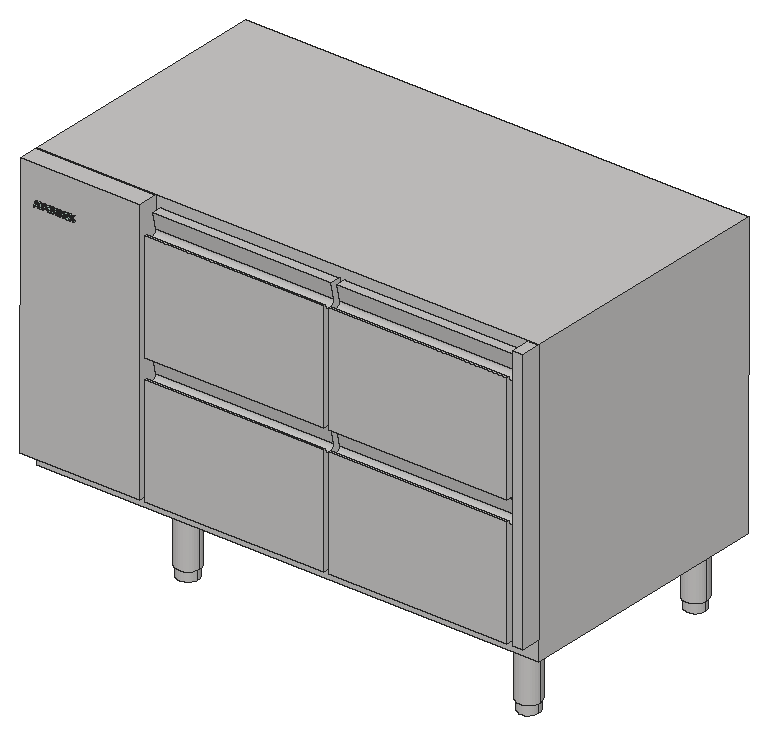
Revit family "QF_ALPENINOX_721031_AK2R7BB", category Attrezzature speciali, Revit 2018
Family settings
  Quota connettore circolare = Usa diametro
  Tipo di parte = Normale
  Basato su piano di lavoro = No
  Sempre verticale = Sì
  Taglio con vuoti quando caricato = No
  Condiviso = No
  Punto di calcolo locali = No
Parameters (values of type "Standard")
  Weight = 96.00 kg
  Watts = 220 W
  Volts = 220 V
  URL Manufacturer = "http://www.alpeninox.com"
  URL = "http://www.alpeninox.com"
  Steam Supply Size = 0 mm
  Steam Supply Minimum Pressure = 0.0 Pa
  Steam Supply Maximum Pressure = 0.0 Pa
  Steam Consumption per Hour = 0
  Refrigeration Suction Line Size = 0 mm
  Refrigeration Liquid Line Size = 0 mm
  Refrigerant Compressor Remote = yes
  Produttore = "Alpeninox"
  Phase = 1
  Modello = "AK2R7BB"
  Length Actual = 1241 mm  # constant formula
  Item Number = "721031"
  Hot Water Size = 0 mm
  Height Actual = 850 mm  # constant formula
  HP = "0.3 HP"
  Gas Size = 0 mm
  Gas KW = 0
  Gas Input Pressure = 0 W
  Direct Waste Size = 0 mm
  Descrizione = "4X1/2-DRAWER REFRIGERATED COUNTER, -2/+10°C, FULL AISI 304 (R290), WITHOUT WORK TOP"
  Depth Actual = 700 mm  # constant formula
  Cycle = 50 Hz
  Condensate Return Size = 0 mm
  Compressed Air Volume = 0.0 L/s
  Compressed Air Size = 0 mm
  Compressed Air Pressure = 0.0 Pa
  Cold Water Size = 0 mm
  Accessory = yes
Values of the unnamed type that differ from the named types
  Weight = 0.00 kg
  Watts = 0 W
  Volts = 0 V
  URL Manufacturer = ""
  Item Number = ""
  HP = ""
  Cycle = 0 Hz
Reference planes
  plane 1: z = 0
  plane 2 "Center (Left/Right)": x = -126.5
  plane 3 "Center (Front/Back)": y = 64.5
  plane 4 "FEET": z = 150
  plane 5 "TOP": z = 900
  plane 6 "PLAIN": z = 850
  plane 7 "EI_back": y = 103
  plane 8 "EI_left": x = -686
  plane 9 "BACK": y = 412
  plane 10 "FRONT": y = -283
  plane 11 "DOOR": y = -233
  plane 12 "LEFT": x = -747
  plane 13 "RIGHT": x = 494
  plane 14: x = -722
  plane 15: x = 469
Forms (mm)
  Extrusion 1, solid, material "QF_Finishes_Stainless Steel"
    sketch origin (-1022.223, -1524, 150) x (-1, 0, 0) y (0, -1, 0)
      loop
        circle (-336.223, -1627) r 5
    from 0 to -40
  Extrusion 2, solid, material "QF_Finishes_Stainless Steel"
    sketch origin (-1022.223, -1524, 150) x (-1, 0, 0) y (0, -1, 0)
      loop
        line (-1491.223, -1291) -> (-1491.223, -1241) -> (-1516.223, -1241) -> (-1516.223, -1291) -> (-1491.223, -1291)
    from 48 to 700
  Extrusion 3, solid, material "QF_Finishes_Stainless Steel"
    sketch origin (-1022.223, -1524, 150) x (-1, 0, 0) y (0, -1, 0)
      loop
        line (-275.223, -1936) -> (-275.223, -1291) -> (-1516.223, -1291) -> (-1516.223, -1936) -> (-275.223, -1936)
    from 0 to 700
Lines and regions (mm)
  symbolic lines, style "SpecialityEquipmentHiddenLines"
    curve 1: line (-747, 412, 150) -> (494, 412, 150)
    curve 2: line (-747, -283, 150) -> (-747, 412, 150)
    curve 3: line (494, -283, 150) -> (-747, -283, 150)
    curve 4: line (494, 412, 150) -> (494, -283, 150)
    curve 5: line (-747, -233, 150) -> (494, -233, 150)
    curve 6: line (469, -283, 150) -> (469, -233, 150)
Dimensions and locks
  plane 4 "FEET" to level = 150 mm
  plane 11 "DOOR" to plane 10 "FRONT" = 50 mm
  plane 6 "PLAIN" to plane 4 "FEET" = 700 mm
  plane 5 "TOP" to plane 6 "PLAIN" = 50 mm
  plane 12 "LEFT" to plane 14 = 25 mm
  plane 15 to plane 13 "RIGHT" = 25 mm
  plane 9 "BACK" to plane 7 "EI_back" = 309 mm
  plane 12 "LEFT" to plane 8 "EI_left" = 61 mm
  plane 12 "LEFT" to plane 13 "RIGHT" = 1241 mm
  equal spacing: plane 12 "LEFT", plane 2 "Center (Left/Right)", plane 13 "RIGHT"
  plane 9 "BACK" to plane 10 "FRONT" = 695 mm
  equal spacing: plane 9 "BACK", plane 3 "Center (Front/Back)", plane 10 "FRONT"
  aligned and locked: level to plane 1
  aligned and locked: plane 13 "RIGHT" to Extrusion 2
  aligned and locked: Extrusion 2 to plane 15
Automatic sketch dimensions
  Extrusion 1 sketch curve to plane 7 "EI_back" = 0 mm
  Extrusion 1 sketch curve to plane 8 "EI_left" = 0 mm
  Extrusion 2 sketch curve to plane 11 "DOOR" = 0 mm
  Extrusion 2 sketch curve to plane 13 "RIGHT" = 0 mm
  Extrusion 2 sketch curve to plane 10 "FRONT" = 0 mm
  Extrusion 2 sketch curve to plane 15 = 0 mm
  Extrusion 3 sketch curve to plane 9 "BACK" = 0 mm
  Extrusion 3 sketch curve to plane 13 "RIGHT" = 0 mm
  Extrusion 3 sketch curve to plane 11 "DOOR" = 0 mm
  Extrusion 3 sketch curve to plane 12 "LEFT" = 0 mm
  curve 1 to plane 13 "RIGHT" = 0 mm
  curve 6 to plane 10 "FRONT" = 0 mm
  curve 6 to plane 15 = 0 mm
  curve 5 to plane 12 "LEFT" = 0 mm
  curve 6 to plane 11 "DOOR" = 0 mm
  curve 1 to plane 9 "BACK" = 0 mm
  radius of Extrusion 1 sketch curve = 5 mm
Nested families
  nested 1: "HPC_Refrigerator" at (494, -283, 0), type "HPC_Refrigerator"
  nested 2: "HPC_FEET" at (-413, 331, 0), type "HPC_FEET"
  nested 3: "HPC_FEET" at (428, 331, 0), type "HPC_FEET"
  nested 4: "HPC_FEET" at (-413, -183, 0), type "HPC_FEET"
  nested 5: "HPC_FEET" at (428, -183, 0), type "HPC_FEET"
  nested 6: "HPC_APX_BI_TN_L" at (-540.08, -233, 598) x (1, 0, 0) z (0, -1, 0), type "HPC_APX_BI_TN_L"
    with Show Logo yes
  nested 7: "HPC_APX_HALF" at (-219, -233, 512) x (1, 0, 0) z (0, -1, 0), type "HPC_APX_HALF"
    with Show Clearance yes
  nested 8: "HPC_APX_HALF" at (235, -233, 512) x (1, 0, 0) z (0, -1, 0), type "HPC_APX_HALF"
    with Show Clearance yes
Connectors
  electrical at (-686, 103, 110), driven by "Volts"
    settings: on Extrusion 1, index 1, voltage 220 V, apparent load 0 VA, apparent load phase1 0 VA, apparent load phase2 0 VA, apparent load phase3 0 VA, power factor 1, load classification "Other", number of poles 1, system type 31, power factor state 1, is connector primary yes, connector utility no, sub classification motor no, connector description "Electrical Connection"
Definition of nested family "HPC_FEET"
  Parameters
    FEET = 150 mm
  Reference planes
    plane 1 "Center (Front/Back)": y = 0
    plane 2: z = 0
    plane 3 "Center (Left/Right)": x = 0
    plane 4: z = 150
  Forms (mm)
    Revolve 1, solid
      sketch origin (255.05, 0, 608.09) x (0, 0, 1) y (-1, 0, 0)
        loop
          line (-608.09, 255.05) -> (-608.09, 230.05) -> (-583.09, 230.05) -> (-583.09, 226.05) -> (-458.09, 226.05) -> (-458.09, 255.05) -> (-608.09, 255.05)
        axis (-608.09, 255.05) -> (-458.09, 255.05)
      angle from 0 to 360
  Dimensions and locks
    locked: Revolve 1 sketch curve to Revolve 1 sketch curve at 125
    "FEET": plane 4 to plane 2
    aligned and locked: level to plane 2
    aligned and locked: plane 4 to Revolve 1 sketch curve
    aligned and locked: Revolve 1 sketch curve to level
    aligned and locked: plane 3 "Center (Left/Right)" to Revolve 1 sketch curve
  Automatic sketch dimensions
    Revolve 1 sketch curve to plane 3 "Center (Left/Right)" = 0 mm
    Revolve 1 sketch curve to Revolve 1 sketch curve = 25 mm
    Revolve 1 sketch curve to Revolve 1 sketch curve = 29 mm
    plane 4 to Revolve 1 sketch curve = 50 mm
    Revolve 1 sketch curve to Revolve 1 sketch curve = 20 mm
Definition of nested family "HPC_APX_BI_TN_L"
  Parameters
    Show Logo [instance] = yes
    Default Elevation = 1219.2 mm
  Reference planes
    plane 1 "Center (Front/Back)": y = -74
    plane 2: z = 0
    plane 3 "Center (Left/Right)": x = -59.92
    plane 4: x = -206.92
    plane 5: x = 87.08
    plane 6: y = 252
    plane 7: y = -400
  Forms (mm)
    Extrusion 1, solid
      sketch origin (0, 0, 0) x (1, 0, 0) y (0, 1, 0)
        loop
          line (-1219.2, 1219.2) -> (-1219.2, -1219.2) -> (1219.2, -1219.2) -> (1219.2, 1219.2) -> (-1219.2, 1219.2)
      from 0 to -304.8
    Extrusion 2, solid
      sketch origin (0, 0, 0) x (1, 0, 0) y (0, 1, 0)
        loop
          line (-206.92, 252) -> (-206.92, -400) -> (87.08, -400) -> (87.08, 252) -> (-206.92, 252)
      from 0 to 50
    Extrusion 3, solid
      sketch origin (0, 0, 0) x (1, 0, 0) y (0, 1, 0)
        loop
          line (-168.675, 170.349) -> (-172.411, 160.318)
          arc (-172.411, 160.318) -> (-171.624, 158.497) -> (-169.837, 159.36) r 1.374
          line (-169.837, 159.36) -> (-169.268, 161.111) -> (-164.1, 161.111) -> (-163.54, 159.379)
          arc (-163.54, 159.379) -> (-161.802, 158.542) -> (-161.049, 160.318) r 1.333
          line (-161.049, 160.318) -> (-164.694, 170.349)
          arc (-164.694, 170.349) -> (-166.685, 171.876) -> (-168.675, 170.349) r 2.06
        loop
          line (-166.681, 169.055) -> (-168.469, 163.655) -> (-164.935, 163.655) -> (-166.681, 169.055)
        loop
          arc (-159.705, 160.042) -> (-159.262, 158.973) -> (-158.194, 158.531) r 1.512
          line (-158.194, 158.531) -> (-153.608, 158.531)
          arc (-153.608, 158.531) -> (-152.337, 159.802) -> (-153.608, 161.074) r 1.272
          line (-153.608, 161.074) -> (-156.917, 161.074) -> (-156.917, 170.328)
          arc (-156.917, 170.328) -> (-158.311, 171.722) -> (-159.705, 170.328) r 1.394
          line (-159.705, 170.328) -> (-159.705, 160.042)
        loop
          line (-151.076, 170.218) -> (-151.076, 159.859)
          arc (-151.076, 159.859) -> (-149.683, 158.466) -> (-148.29, 159.859) r 1.393
          line (-148.29, 159.859) -> (-148.29, 162.882) -> (-146.225, 162.882)
          arc (-146.225, 162.882) -> (-142.999, 163.859) -> (-141.608, 166.928) r 4.082
          arc (-141.608, 166.928) -> (-142.993, 170.272) -> (-146.336, 171.657) r 4.728
          line (-146.336, 171.657) -> (-149.638, 171.657)
          arc (-149.638, 171.657) -> (-150.655, 171.235) -> (-151.076, 170.218) r 1.439
        loop
          line (-148.29, 165.313) -> (-146.388, 165.313)
          arc (-146.388, 165.313) -> (-144.433, 167.268) -> (-146.388, 169.222) r 1.955
          line (-146.388, 169.222) -> (-148.29, 169.222) -> (-148.29, 165.313)
        loop
          arc (-131.184, 166.332) -> (-132.004, 168.2) -> (-133.767, 169.228) r 3.3
          arc (-133.767, 169.228) -> (-136.353, 168.661) -> (-137.611, 166.332) r 3.176
          line (-137.611, 166.332) -> (-131.184, 166.332)
        loop
          line (-137.538, 163.743) -> (-130.544, 163.743)
          arc (-130.544, 163.743) -> (-129.292, 163.916) -> (-128.301, 164.701) r 2.4
          arc (-128.301, 164.701) -> (-128.155, 165.545) -> (-128.212, 166.399) r 3.635
          arc (-128.212, 166.399) -> (-130.364, 170.162) -> (-134.39, 171.769) r 6.579
          arc (-134.39, 171.769) -> (-138.918, 169.706) -> (-140.661, 165.044) r 6.501
          arc (-140.661, 165.044) -> (-139.276, 160.789) -> (-135.401, 158.549) r 6.252
          arc (-135.401, 158.549) -> (-132.922, 158.526) -> (-130.544, 159.232) r 8.361
          arc (-130.544, 159.232) -> (-129.466, 159.781) -> (-128.641, 160.666) r 3.486
          arc (-128.641, 160.666) -> (-128.419, 161.592) -> (-128.828, 162.451) r 1.425
          arc (-128.828, 162.451) -> (-129.368, 162.762) -> (-129.99, 162.762) r 1.203
          arc (-129.99, 162.762) -> (-130.406, 162.59) -> (-130.764, 162.316) r 1.724
          arc (-130.764, 162.316) -> (-131.666, 161.705) -> (-132.646, 161.229) r 7.6
          arc (-132.646, 161.229) -> (-135.676, 161.35) -> (-137.538, 163.743) r 3.6
        loop
          line (-126.669, 170.328) -> (-126.669, 159.859)
          arc (-126.669, 159.859) -> (-125.273, 158.463) -> (-123.878, 159.859) r 1.396
          line (-123.878, 159.859) -> (-123.878, 166.785) -> (-117.946, 159.029)
          arc (-117.946, 159.029) -> (-116.361, 158.51) -> (-115.379, 159.859) r 1.417
          line (-115.379, 159.859) -> (-115.379, 170.328)
          arc (-115.379, 170.328) -> (-116.774, 171.723) -> (-118.169, 170.328) r 1.395
          line (-118.169, 170.328) -> (-118.169, 163.311) -> (-124.101, 171.157)
          arc (-124.101, 171.157) -> (-125.687, 171.678) -> (-126.669, 170.328) r 1.418
        loop
          arc (-113.636, 159.859) -> (-112.241, 158.464) -> (-110.847, 159.859) r 1.394
          line (-110.847, 159.859) -> (-110.847, 170.328)
          arc (-110.847, 170.328) -> (-112.241, 171.723) -> (-113.636, 170.328) r 1.394
          line (-113.636, 170.328) -> (-113.636, 159.859)
        loop
          line (-109.102, 170.328) -> (-109.102, 159.859)
          arc (-109.102, 159.859) -> (-107.706, 158.463) -> (-106.31, 159.859) r 1.396
          line (-106.31, 159.859) -> (-106.31, 166.785) -> (-100.378, 159.029)
          arc (-100.378, 159.029) -> (-98.793, 158.51) -> (-97.812, 159.859) r 1.417
          line (-97.812, 159.859) -> (-97.812, 170.328)
          arc (-97.812, 170.328) -> (-99.207, 171.723) -> (-100.602, 170.328) r 1.395
          line (-100.602, 170.328) -> (-100.602, 163.311) -> (-106.533, 171.157)
          arc (-106.533, 171.157) -> (-108.119, 171.678) -> (-109.102, 170.328) r 1.418
        loop
          arc (-96.345, 165.093) -> (-95.619, 161.877) -> (-93.467, 159.379) r 6.806
          arc (-93.467, 159.379) -> (-91.792, 158.566) -> (-89.948, 158.31) r 5.956
          arc (-89.948, 158.31) -> (-88.104, 158.566) -> (-86.43, 159.379) r 5.956
          arc (-86.43, 159.379) -> (-84.277, 161.877) -> (-83.551, 165.093) r 6.806
          arc (-83.551, 165.093) -> (-84.277, 168.31) -> (-86.43, 170.808) r 6.806
          arc (-86.43, 170.808) -> (-88.104, 171.621) -> (-89.948, 171.877) r 5.956
          arc (-89.948, 171.877) -> (-91.792, 171.621) -> (-93.467, 170.808) r 5.956
          arc (-93.467, 170.808) -> (-95.619, 168.31) -> (-96.345, 165.093) r 6.806
        loop
          arc (-93.425, 165.093) -> (-93.138, 163.212) -> (-92.081, 161.629) r 4.387
          arc (-92.081, 161.629) -> (-91.087, 161.049) -> (-89.948, 160.881) r 3.035
          arc (-89.948, 160.881) -> (-88.809, 161.049) -> (-87.815, 161.629) r 3.035
          arc (-87.815, 161.629) -> (-86.759, 163.212) -> (-86.472, 165.093) r 4.387
          arc (-86.472, 165.093) -> (-86.759, 166.975) -> (-87.815, 168.558) r 4.387
          arc (-87.815, 168.558) -> (-88.809, 169.138) -> (-89.948, 169.306) r 3.035
          arc (-89.948, 169.306) -> (-91.087, 169.138) -> (-92.081, 168.558) r 3.035
          arc (-92.081, 168.558) -> (-93.138, 166.975) -> (-93.425, 165.093) r 4.387
        loop
          line (-83.139, 169.609) -> (-80.126, 165.552) -> (-83.81, 160.652)
          arc (-83.81, 160.652) -> (-83.512, 158.692) -> (-81.559, 159.029) r 1.388
          line (-81.559, 159.029) -> (-78.51, 163.232) -> (-75.461, 159.029)
          arc (-75.461, 159.029) -> (-73.507, 158.692) -> (-73.21, 160.652) r 1.388
          line (-73.21, 160.652) -> (-76.894, 165.552) -> (-73.881, 169.609)
          arc (-73.881, 169.609) -> (-74.249, 171.597) -> (-76.205, 171.084) r 1.38
          line (-76.205, 171.084) -> (-78.51, 167.841) -> (-80.815, 171.084)
          arc (-80.815, 171.084) -> (-82.771, 171.597) -> (-83.139, 169.609) r 1.38
      from 50 to 51.6
  Lines and regions (mm)
    Split face 1
      outline origin (0, 0, 50) x (1, 0, 0) y (0, 1, 0)
        loop
          line (87.08, 183) -> (-172.92, 183)
          arc (-172.92, 183) -> (-190.42, 165.5) -> (-172.92, 148) r 17.5
          line (-172.92, 148) -> (87.08, 148)
    Split face 2
      outline origin (-38, 0, 50) x (1, 0, 0) y (0, 1, 0)
        loop
          line (-5.42, 177) -> (-5.42, 154) -> (64.58, 154) -> (64.58, 177) -> (-5.42, 177)
    Split face 3
      outline origin (-38, 0, 50) x (1, 0, 0) y (0, 1, 0)
        loop
          line (44.58, 174) -> (44.58, 157) -> (61.58, 157) -> (61.58, 174) -> (44.58, 174)
    Split face 4
      outline origin (0, 0, 50) x (1, 0, 0) y (0, 1, 0)
        loop
          line (-206.92, 188) -> (87.08, 188)
    Split face 5
      outline origin (0, 0, 50) x (1, 0, 0) y (0, 1, 0)
        loop
          arc (-163.464, 131.824) -> (-167.464, 127.824) -> (-163.464, 123.824) r 4
          line (-163.464, 123.824) -> (-121.464, 123.824)
          arc (-121.464, 123.824) -> (-117.464, 127.824) -> (-121.464, 131.824) r 4
          line (-121.464, 131.824) -> (-163.464, 131.824)
    Split face 6
      outline origin (330, 0, 50) x (1, 0, 0) y (0, 1, 0)
        loop
          arc (-328.464, 131.824) -> (-332.464, 127.824) -> (-328.464, 123.824) r 4
          line (-328.464, 123.824) -> (-286.464, 123.824)
          arc (-286.464, 123.824) -> (-282.464, 127.824) -> (-286.464, 131.824) r 4
          line (-286.464, 131.824) -> (-328.464, 131.824)
    Split face 7
      outline origin (110, 0, 50) x (1, 0, 0) y (0, 1, 0)
        loop
          arc (-218.464, 131.824) -> (-222.464, 127.824) -> (-218.464, 123.824) r 4
          line (-218.464, 123.824) -> (-176.464, 123.824)
          arc (-176.464, 123.824) -> (-172.464, 127.824) -> (-176.464, 131.824) r 4
          line (-176.464, 131.824) -> (-218.464, 131.824)
    Split face 8
      outline origin (220, 0, 50) x (1, 0, 0) y (0, 1, 0)
        loop
          arc (-273.464, 131.824) -> (-277.464, 127.824) -> (-273.464, 123.824) r 4
          line (-273.464, 123.824) -> (-231.464, 123.824)
          arc (-231.464, 123.824) -> (-227.464, 127.824) -> (-231.464, 131.824) r 4
          line (-231.464, 131.824) -> (-273.464, 131.824)
    Split face 9
      outline origin (0, -24, 50) x (1, 0, 0) y (0, 1, 0)
        loop
          arc (-163.464, 143.824) -> (-167.464, 139.824) -> (-163.464, 135.824) r 4
          line (-163.464, 135.824) -> (-121.464, 135.824)
          arc (-121.464, 135.824) -> (-117.464, 139.824) -> (-121.464, 143.824) r 4
          line (-121.464, 143.824) -> (-163.464, 143.824)
    Split face 10
      outline origin (330, -24, 50) x (1, 0, 0) y (0, 1, 0)
        loop
          arc (-328.464, 143.824) -> (-332.464, 139.824) -> (-328.464, 135.824) r 4
          line (-328.464, 135.824) -> (-286.464, 135.824)
          arc (-286.464, 135.824) -> (-282.464, 139.824) -> (-286.464, 143.824) r 4
          line (-286.464, 143.824) -> (-328.464, 143.824)
    Split face 11
      outline origin (110, -24, 50) x (1, 0, 0) y (0, 1, 0)
        loop
          arc (-218.464, 143.824) -> (-222.464, 139.824) -> (-218.464, 135.824) r 4
          line (-218.464, 135.824) -> (-176.464, 135.824)
          arc (-176.464, 135.824) -> (-172.464, 139.824) -> (-176.464, 143.824) r 4
          line (-176.464, 143.824) -> (-218.464, 143.824)
    Split face 12
      outline origin (220, -24, 50) x (1, 0, 0) y (0, 1, 0)
        loop
          arc (-273.464, 143.824) -> (-277.464, 139.824) -> (-273.464, 135.824) r 4
          line (-273.464, 135.824) -> (-231.464, 135.824)
          arc (-231.464, 135.824) -> (-227.464, 139.824) -> (-231.464, 143.824) r 4
          line (-231.464, 143.824) -> (-273.464, 143.824)
    Split face 13
      outline origin (0, -48, 50) x (1, 0, 0) y (0, 1, 0)
        loop
          arc (-163.464, 155.824) -> (-167.464, 151.824) -> (-163.464, 147.824) r 4
          line (-163.464, 147.824) -> (-121.464, 147.824)
          arc (-121.464, 147.824) -> (-117.464, 151.824) -> (-121.464, 155.824) r 4
          line (-121.464, 155.824) -> (-163.464, 155.824)
    Split face 14
      outline origin (330, -48, 50) x (1, 0, 0) y (0, 1, 0)
        loop
          arc (-328.464, 155.824) -> (-332.464, 151.824) -> (-328.464, 147.824) r 4
          line (-328.464, 147.824) -> (-286.464, 147.824)
          arc (-286.464, 147.824) -> (-282.464, 151.824) -> (-286.464, 155.824) r 4
          line (-286.464, 155.824) -> (-328.464, 155.824)
    Split face 15
      outline origin (110, -48, 50) x (1, 0, 0) y (0, 1, 0)
        loop
          arc (-218.464, 155.824) -> (-222.464, 151.824) -> (-218.464, 147.824) r 4
          line (-218.464, 147.824) -> (-176.464, 147.824)
          arc (-176.464, 147.824) -> (-172.464, 151.824) -> (-176.464, 155.824) r 4
          line (-176.464, 155.824) -> (-218.464, 155.824)
    Split face 16
      outline origin (220, -48, 50) x (1, 0, 0) y (0, 1, 0)
        loop
          arc (-273.464, 155.824) -> (-277.464, 151.824) -> (-273.464, 147.824) r 4
          line (-273.464, 147.824) -> (-231.464, 147.824)
          arc (-231.464, 147.824) -> (-227.464, 151.824) -> (-231.464, 155.824) r 4
          line (-231.464, 155.824) -> (-273.464, 155.824)
    Split face 17
      outline origin (0, -72, 50) x (1, 0, 0) y (0, 1, 0)
        loop
          arc (-163.464, 167.824) -> (-167.464, 163.824) -> (-163.464, 159.824) r 4
          line (-163.464, 159.824) -> (-121.464, 159.824)
          arc (-121.464, 159.824) -> (-117.464, 163.824) -> (-121.464, 167.824) r 4
          line (-121.464, 167.824) -> (-163.464, 167.824)
    Split face 18
      outline origin (330, -72, 50) x (1, 0, 0) y (0, 1, 0)
        loop
          arc (-328.464, 167.824) -> (-332.464, 163.824) -> (-328.464, 159.824) r 4
          line (-328.464, 159.824) -> (-286.464, 159.824)
          arc (-286.464, 159.824) -> (-282.464, 163.824) -> (-286.464, 167.824) r 4
          line (-286.464, 167.824) -> (-328.464, 167.824)
    Split face 19
      outline origin (110, -72, 50) x (1, 0, 0) y (0, 1, 0)
        loop
          arc (-218.464, 167.824) -> (-222.464, 163.824) -> (-218.464, 159.824) r 4
          line (-218.464, 159.824) -> (-176.464, 159.824)
          arc (-176.464, 159.824) -> (-172.464, 163.824) -> (-176.464, 167.824) r 4
          line (-176.464, 167.824) -> (-218.464, 167.824)
    Split face 20
      outline origin (220, -72, 50) x (1, 0, 0) y (0, 1, 0)
        loop
          arc (-273.464, 167.824) -> (-277.464, 163.824) -> (-273.464, 159.824) r 4
          line (-273.464, 159.824) -> (-231.464, 159.824)
          arc (-231.464, 159.824) -> (-227.464, 163.824) -> (-231.464, 167.824) r 4
          line (-231.464, 167.824) -> (-273.464, 167.824)
    Split face 21
      outline origin (0, -96, 50) x (1, 0, 0) y (0, 1, 0)
        loop
          arc (-163.464, 179.824) -> (-167.464, 175.824) -> (-163.464, 171.824) r 4
          line (-163.464, 171.824) -> (-121.464, 171.824)
          arc (-121.464, 171.824) -> (-117.464, 175.824) -> (-121.464, 179.824) r 4
          line (-121.464, 179.824) -> (-163.464, 179.824)
    Split face 22
      outline origin (330, -96, 50) x (1, 0, 0) y (0, 1, 0)
        loop
          arc (-328.464, 179.824) -> (-332.464, 175.824) -> (-328.464, 171.824) r 4
          line (-328.464, 171.824) -> (-286.464, 171.824)
          arc (-286.464, 171.824) -> (-282.464, 175.824) -> (-286.464, 179.824) r 4
          line (-286.464, 179.824) -> (-328.464, 179.824)
    Split face 23
      outline origin (110, -96, 50) x (1, 0, 0) y (0, 1, 0)
        loop
          arc (-218.464, 179.824) -> (-222.464, 175.824) -> (-218.464, 171.824) r 4
          line (-218.464, 171.824) -> (-176.464, 171.824)
          arc (-176.464, 171.824) -> (-172.464, 175.824) -> (-176.464, 179.824) r 4
          line (-176.464, 179.824) -> (-218.464, 179.824)
    Split face 24
      outline origin (220, -96, 50) x (1, 0, 0) y (0, 1, 0)
        loop
          arc (-273.464, 179.824) -> (-277.464, 175.824) -> (-273.464, 171.824) r 4
          line (-273.464, 171.824) -> (-231.464, 171.824)
          arc (-231.464, 171.824) -> (-227.464, 175.824) -> (-231.464, 179.824) r 4
          line (-231.464, 179.824) -> (-273.464, 179.824)
    Split face 25
      outline origin (0, -120, 50) x (1, 0, 0) y (0, 1, 0)
        loop
          arc (-163.464, 191.824) -> (-167.464, 187.824) -> (-163.464, 183.824) r 4
          line (-163.464, 183.824) -> (-121.464, 183.824)
          arc (-121.464, 183.824) -> (-117.464, 187.824) -> (-121.464, 191.824) r 4
          line (-121.464, 191.824) -> (-163.464, 191.824)
    Split face 26
      outline origin (330, -120, 50) x (1, 0, 0) y (0, 1, 0)
        loop
          arc (-328.464, 191.824) -> (-332.464, 187.824) -> (-328.464, 183.824) r 4
          line (-328.464, 183.824) -> (-286.464, 183.824)
          arc (-286.464, 183.824) -> (-282.464, 187.824) -> (-286.464, 191.824) r 4
          line (-286.464, 191.824) -> (-328.464, 191.824)
    Split face 27
      outline origin (110, -120, 50) x (1, 0, 0) y (0, 1, 0)
        loop
          arc (-218.464, 191.824) -> (-222.464, 187.824) -> (-218.464, 183.824) r 4
          line (-218.464, 183.824) -> (-176.464, 183.824)
          arc (-176.464, 183.824) -> (-172.464, 187.824) -> (-176.464, 191.824) r 4
          line (-176.464, 191.824) -> (-218.464, 191.824)
    Split face 28
      outline origin (220, -120, 50) x (1, 0, 0) y (0, 1, 0)
        loop
          arc (-273.464, 191.824) -> (-277.464, 187.824) -> (-273.464, 183.824) r 4
          line (-273.464, 183.824) -> (-231.464, 183.824)
          arc (-231.464, 183.824) -> (-227.464, 187.824) -> (-231.464, 191.824) r 4
          line (-231.464, 191.824) -> (-273.464, 191.824)
    Split face 29
      outline origin (0, -144, 50) x (1, 0, 0) y (0, 1, 0)
        loop
          arc (-163.464, 203.824) -> (-167.464, 199.824) -> (-163.464, 195.824) r 4
          line (-163.464, 195.824) -> (-121.464, 195.824)
          arc (-121.464, 195.824) -> (-117.464, 199.824) -> (-121.464, 203.824) r 4
          line (-121.464, 203.824) -> (-163.464, 203.824)
    Split face 30
      outline origin (330, -144, 50) x (1, 0, 0) y (0, 1, 0)
        loop
          arc (-328.464, 203.824) -> (-332.464, 199.824) -> (-328.464, 195.824) r 4
          line (-328.464, 195.824) -> (-286.464, 195.824)
          arc (-286.464, 195.824) -> (-282.464, 199.824) -> (-286.464, 203.824) r 4
          line (-286.464, 203.824) -> (-328.464, 203.824)
    Split face 31
      outline origin (110, -144, 50) x (1, 0, 0) y (0, 1, 0)
        loop
          arc (-218.464, 203.824) -> (-222.464, 199.824) -> (-218.464, 195.824) r 4
          line (-218.464, 195.824) -> (-176.464, 195.824)
          arc (-176.464, 195.824) -> (-172.464, 199.824) -> (-176.464, 203.824) r 4
          line (-176.464, 203.824) -> (-218.464, 203.824)
    Split face 32
      outline origin (220, -144, 50) x (1, 0, 0) y (0, 1, 0)
        loop
          arc (-273.464, 203.824) -> (-277.464, 199.824) -> (-273.464, 195.824) r 4
          line (-273.464, 195.824) -> (-231.464, 195.824)
          arc (-231.464, 195.824) -> (-227.464, 199.824) -> (-231.464, 203.824) r 4
          line (-231.464, 203.824) -> (-273.464, 203.824)
    Split face 33
      outline origin (0, -168, 50) x (1, 0, 0) y (0, 1, 0)
        loop
          arc (-163.464, 215.824) -> (-167.464, 211.824) -> (-163.464, 207.824) r 4
          line (-163.464, 207.824) -> (-121.464, 207.824)
          arc (-121.464, 207.824) -> (-117.464, 211.824) -> (-121.464, 215.824) r 4
          line (-121.464, 215.824) -> (-163.464, 215.824)
    Split face 34
      outline origin (330, -168, 50) x (1, 0, 0) y (0, 1, 0)
        loop
          arc (-328.464, 215.824) -> (-332.464, 211.824) -> (-328.464, 207.824) r 4
          line (-328.464, 207.824) -> (-286.464, 207.824)
          arc (-286.464, 207.824) -> (-282.464, 211.824) -> (-286.464, 215.824) r 4
          line (-286.464, 215.824) -> (-328.464, 215.824)
    Split face 35
      outline origin (110, -168, 50) x (1, 0, 0) y (0, 1, 0)
        loop
          arc (-218.464, 215.824) -> (-222.464, 211.824) -> (-218.464, 207.824) r 4
          line (-218.464, 207.824) -> (-176.464, 207.824)
          arc (-176.464, 207.824) -> (-172.464, 211.824) -> (-176.464, 215.824) r 4
          line (-176.464, 215.824) -> (-218.464, 215.824)
    Split face 36
      outline origin (220, -168, 50) x (1, 0, 0) y (0, 1, 0)
        loop
          arc (-273.464, 215.824) -> (-277.464, 211.824) -> (-273.464, 207.824) r 4
          line (-273.464, 207.824) -> (-231.464, 207.824)
          arc (-231.464, 207.824) -> (-227.464, 211.824) -> (-231.464, 215.824) r 4
          line (-231.464, 215.824) -> (-273.464, 215.824)
    Split face 37
      outline origin (0, -192, 50) x (1, 0, 0) y (0, 1, 0)
        loop
          arc (-163.464, 227.824) -> (-167.464, 223.824) -> (-163.464, 219.824) r 4
          line (-163.464, 219.824) -> (-121.464, 219.824)
          arc (-121.464, 219.824) -> (-117.464, 223.824) -> (-121.464, 227.824) r 4
          line (-121.464, 227.824) -> (-163.464, 227.824)
    Split face 38
      outline origin (330, -192, 50) x (1, 0, 0) y (0, 1, 0)
        loop
          arc (-328.464, 227.824) -> (-332.464, 223.824) -> (-328.464, 219.824) r 4
          line (-328.464, 219.824) -> (-286.464, 219.824)
          arc (-286.464, 219.824) -> (-282.464, 223.824) -> (-286.464, 227.824) r 4
          line (-286.464, 227.824) -> (-328.464, 227.824)
    Split face 39
      outline origin (110, -192, 50) x (1, 0, 0) y (0, 1, 0)
        loop
          arc (-218.464, 227.824) -> (-222.464, 223.824) -> (-218.464, 219.824) r 4
          line (-218.464, 219.824) -> (-176.464, 219.824)
          arc (-176.464, 219.824) -> (-172.464, 223.824) -> (-176.464, 227.824) r 4
          line (-176.464, 227.824) -> (-218.464, 227.824)
    Split face 40
      outline origin (220, -192, 50) x (1, 0, 0) y (0, 1, 0)
        loop
          arc (-273.464, 227.824) -> (-277.464, 223.824) -> (-273.464, 219.824) r 4
          line (-273.464, 219.824) -> (-231.464, 219.824)
          arc (-231.464, 219.824) -> (-227.464, 223.824) -> (-231.464, 227.824) r 4
          line (-231.464, 227.824) -> (-273.464, 227.824)
    Split face 41
      outline origin (0, -216, 50) x (1, 0, 0) y (0, 1, 0)
        loop
          arc (-163.464, 239.824) -> (-167.464, 235.824) -> (-163.464, 231.824) r 4
          line (-163.464, 231.824) -> (-121.464, 231.824)
          arc (-121.464, 231.824) -> (-117.464, 235.824) -> (-121.464, 239.824) r 4
          line (-121.464, 239.824) -> (-163.464, 239.824)
    Split face 42
      outline origin (330, -216, 50) x (1, 0, 0) y (0, 1, 0)
        loop
          arc (-328.464, 239.824) -> (-332.464, 235.824) -> (-328.464, 231.824) r 4
          line (-328.464, 231.824) -> (-286.464, 231.824)
          arc (-286.464, 231.824) -> (-282.464, 235.824) -> (-286.464, 239.824) r 4
          line (-286.464, 239.824) -> (-328.464, 239.824)
    Split face 43
      outline origin (110, -216, 50) x (1, 0, 0) y (0, 1, 0)
        loop
          arc (-218.464, 239.824) -> (-222.464, 235.824) -> (-218.464, 231.824) r 4
          line (-218.464, 231.824) -> (-176.464, 231.824)
          arc (-176.464, 231.824) -> (-172.464, 235.824) -> (-176.464, 239.824) r 4
          line (-176.464, 239.824) -> (-218.464, 239.824)
    Split face 44
      outline origin (220, -216, 50) x (1, 0, 0) y (0, 1, 0)
        loop
          arc (-273.464, 239.824) -> (-277.464, 235.824) -> (-273.464, 231.824) r 4
          line (-273.464, 231.824) -> (-231.464, 231.824)
          arc (-231.464, 231.824) -> (-227.464, 235.824) -> (-231.464, 239.824) r 4
          line (-231.464, 239.824) -> (-273.464, 239.824)
    Split face 45
      outline origin (0, -240, 50) x (1, 0, 0) y (0, 1, 0)
        loop
          arc (-163.464, 251.824) -> (-167.464, 247.824) -> (-163.464, 243.824) r 4
          line (-163.464, 243.824) -> (-121.464, 243.824)
          arc (-121.464, 243.824) -> (-117.464, 247.824) -> (-121.464, 251.824) r 4
          line (-121.464, 251.824) -> (-163.464, 251.824)
    Split face 46
      outline origin (330, -240, 50) x (1, 0, 0) y (0, 1, 0)
        loop
          arc (-328.464, 251.824) -> (-332.464, 247.824) -> (-328.464, 243.824) r 4
          line (-328.464, 243.824) -> (-286.464, 243.824)
          arc (-286.464, 243.824) -> (-282.464, 247.824) -> (-286.464, 251.824) r 4
          line (-286.464, 251.824) -> (-328.464, 251.824)
    Split face 47
      outline origin (110, -240, 50) x (1, 0, 0) y (0, 1, 0)
        loop
          arc (-218.464, 251.824) -> (-222.464, 247.824) -> (-218.464, 243.824) r 4
          line (-218.464, 243.824) -> (-176.464, 243.824)
          arc (-176.464, 243.824) -> (-172.464, 247.824) -> (-176.464, 251.824) r 4
          line (-176.464, 251.824) -> (-218.464, 251.824)
    Split face 48
      outline origin (220, -240, 50) x (1, 0, 0) y (0, 1, 0)
        loop
          arc (-273.464, 251.824) -> (-277.464, 247.824) -> (-273.464, 243.824) r 4
          line (-273.464, 243.824) -> (-231.464, 243.824)
          arc (-231.464, 243.824) -> (-227.464, 247.824) -> (-231.464, 251.824) r 4
          line (-231.464, 251.824) -> (-273.464, 251.824)
    Split face 49
      outline origin (0, -264, 50) x (1, 0, 0) y (0, 1, 0)
        loop
          arc (-163.464, 263.824) -> (-167.464, 259.824) -> (-163.464, 255.824) r 4
          line (-163.464, 255.824) -> (-121.464, 255.824)
          arc (-121.464, 255.824) -> (-117.464, 259.824) -> (-121.464, 263.824) r 4
          line (-121.464, 263.824) -> (-163.464, 263.824)
    Split face 50
      outline origin (330, -264, 50) x (1, 0, 0) y (0, 1, 0)
        loop
          arc (-328.464, 263.824) -> (-332.464, 259.824) -> (-328.464, 255.824) r 4
          line (-328.464, 255.824) -> (-286.464, 255.824)
          arc (-286.464, 255.824) -> (-282.464, 259.824) -> (-286.464, 263.824) r 4
          line (-286.464, 263.824) -> (-328.464, 263.824)
    Split face 51
      outline origin (110, -264, 50) x (1, 0, 0) y (0, 1, 0)
        loop
          arc (-218.464, 263.824) -> (-222.464, 259.824) -> (-218.464, 255.824) r 4
          line (-218.464, 255.824) -> (-176.464, 255.824)
          arc (-176.464, 255.824) -> (-172.464, 259.824) -> (-176.464, 263.824) r 4
          line (-176.464, 263.824) -> (-218.464, 263.824)
    Split face 52
      outline origin (220, -264, 50) x (1, 0, 0) y (0, 1, 0)
        loop
          arc (-273.464, 263.824) -> (-277.464, 259.824) -> (-273.464, 255.824) r 4
          line (-273.464, 255.824) -> (-231.464, 255.824)
          arc (-231.464, 255.824) -> (-227.464, 259.824) -> (-231.464, 263.824) r 4
          line (-231.464, 263.824) -> (-273.464, 263.824)
    Split face 53
      outline origin (0, -288, 50) x (1, 0, 0) y (0, 1, 0)
        loop
          arc (-163.464, 275.824) -> (-167.464, 271.824) -> (-163.464, 267.824) r 4
          line (-163.464, 267.824) -> (-121.464, 267.824)
          arc (-121.464, 267.824) -> (-117.464, 271.824) -> (-121.464, 275.824) r 4
          line (-121.464, 275.824) -> (-163.464, 275.824)
    Split face 54
      outline origin (330, -288, 50) x (1, 0, 0) y (0, 1, 0)
        loop
          arc (-328.464, 275.824) -> (-332.464, 271.824) -> (-328.464, 267.824) r 4
          line (-328.464, 267.824) -> (-286.464, 267.824)
          arc (-286.464, 267.824) -> (-282.464, 271.824) -> (-286.464, 275.824) r 4
          line (-286.464, 275.824) -> (-328.464, 275.824)
    Split face 55
      outline origin (110, -288, 50) x (1, 0, 0) y (0, 1, 0)
        loop
          arc (-218.464, 275.824) -> (-222.464, 271.824) -> (-218.464, 267.824) r 4
          line (-218.464, 267.824) -> (-176.464, 267.824)
          arc (-176.464, 267.824) -> (-172.464, 271.824) -> (-176.464, 275.824) r 4
          line (-176.464, 275.824) -> (-218.464, 275.824)
    Split face 56
      outline origin (220, -288, 50) x (1, 0, 0) y (0, 1, 0)
        loop
          arc (-273.464, 275.824) -> (-277.464, 271.824) -> (-273.464, 267.824) r 4
          line (-273.464, 267.824) -> (-231.464, 267.824)
          arc (-231.464, 267.824) -> (-227.464, 271.824) -> (-231.464, 275.824) r 4
          line (-231.464, 275.824) -> (-273.464, 275.824)
    Split face 57
      outline origin (0, -312, 50) x (1, 0, 0) y (0, 1, 0)
        loop
          arc (-163.464, 287.824) -> (-167.464, 283.824) -> (-163.464, 279.824) r 4
          line (-163.464, 279.824) -> (-121.464, 279.824)
          arc (-121.464, 279.824) -> (-117.464, 283.824) -> (-121.464, 287.824) r 4
          line (-121.464, 287.824) -> (-163.464, 287.824)
    Split face 58
      outline origin (330, -312, 50) x (1, 0, 0) y (0, 1, 0)
        loop
          arc (-328.464, 287.824) -> (-332.464, 283.824) -> (-328.464, 279.824) r 4
          line (-328.464, 279.824) -> (-286.464, 279.824)
          arc (-286.464, 279.824) -> (-282.464, 283.824) -> (-286.464, 287.824) r 4
          line (-286.464, 287.824) -> (-328.464, 287.824)
    Split face 59
      outline origin (110, -312, 50) x (1, 0, 0) y (0, 1, 0)
        loop
          arc (-218.464, 287.824) -> (-222.464, 283.824) -> (-218.464, 279.824) r 4
          line (-218.464, 279.824) -> (-176.464, 279.824)
          arc (-176.464, 279.824) -> (-172.464, 283.824) -> (-176.464, 287.824) r 4
          line (-176.464, 287.824) -> (-218.464, 287.824)
    Split face 60
      outline origin (220, -312, 50) x (1, 0, 0) y (0, 1, 0)
        loop
          arc (-273.464, 287.824) -> (-277.464, 283.824) -> (-273.464, 279.824) r 4
          line (-273.464, 279.824) -> (-231.464, 279.824)
          arc (-231.464, 279.824) -> (-227.464, 283.824) -> (-231.464, 287.824) r 4
          line (-231.464, 287.824) -> (-273.464, 287.824)
    Split face 61
      outline origin (0, -336, 50) x (1, 0, 0) y (0, 1, 0)
        loop
          arc (-163.464, 299.824) -> (-167.464, 295.824) -> (-163.464, 291.824) r 4
          line (-163.464, 291.824) -> (-121.464, 291.824)
          arc (-121.464, 291.824) -> (-117.464, 295.824) -> (-121.464, 299.824) r 4
          line (-121.464, 299.824) -> (-163.464, 299.824)
    Split face 62
      outline origin (330, -336, 50) x (1, 0, 0) y (0, 1, 0)
        loop
          arc (-328.464, 299.824) -> (-332.464, 295.824) -> (-328.464, 291.824) r 4
          line (-328.464, 291.824) -> (-286.464, 291.824)
          arc (-286.464, 291.824) -> (-282.464, 295.824) -> (-286.464, 299.824) r 4
          line (-286.464, 299.824) -> (-328.464, 299.824)
    Split face 63
      outline origin (110, -336, 50) x (1, 0, 0) y (0, 1, 0)
        loop
          arc (-218.464, 299.824) -> (-222.464, 295.824) -> (-218.464, 291.824) r 4
          line (-218.464, 291.824) -> (-176.464, 291.824)
          arc (-176.464, 291.824) -> (-172.464, 295.824) -> (-176.464, 299.824) r 4
          line (-176.464, 299.824) -> (-218.464, 299.824)
    Split face 64
      outline origin (220, -336, 50) x (1, 0, 0) y (0, 1, 0)
        loop
          arc (-273.464, 299.824) -> (-277.464, 295.824) -> (-273.464, 291.824) r 4
          line (-273.464, 291.824) -> (-231.464, 291.824)
          arc (-231.464, 291.824) -> (-227.464, 295.824) -> (-231.464, 299.824) r 4
          line (-231.464, 299.824) -> (-273.464, 299.824)
    Split face 65
      outline origin (0, -360, 50) x (1, 0, 0) y (0, 1, 0)
        loop
          arc (-163.464, 311.824) -> (-167.464, 307.824) -> (-163.464, 303.824) r 4
          line (-163.464, 303.824) -> (-121.464, 303.824)
          arc (-121.464, 303.824) -> (-117.464, 307.824) -> (-121.464, 311.824) r 4
          line (-121.464, 311.824) -> (-163.464, 311.824)
    Split face 66
      outline origin (330, -360, 50) x (1, 0, 0) y (0, 1, 0)
        loop
          arc (-328.464, 311.824) -> (-332.464, 307.824) -> (-328.464, 303.824) r 4
          line (-328.464, 303.824) -> (-286.464, 303.824)
          arc (-286.464, 303.824) -> (-282.464, 307.824) -> (-286.464, 311.824) r 4
          line (-286.464, 311.824) -> (-328.464, 311.824)
    Split face 67
      outline origin (110, -360, 50) x (1, 0, 0) y (0, 1, 0)
        loop
          arc (-218.464, 311.824) -> (-222.464, 307.824) -> (-218.464, 303.824) r 4
          line (-218.464, 303.824) -> (-176.464, 303.824)
          arc (-176.464, 303.824) -> (-172.464, 307.824) -> (-176.464, 311.824) r 4
          line (-176.464, 311.824) -> (-218.464, 311.824)
    Split face 68
      outline origin (220, -360, 50) x (1, 0, 0) y (0, 1, 0)
        loop
          arc (-273.464, 311.824) -> (-277.464, 307.824) -> (-273.464, 303.824) r 4
          line (-273.464, 303.824) -> (-231.464, 303.824)
          arc (-231.464, 303.824) -> (-227.464, 307.824) -> (-231.464, 311.824) r 4
          line (-231.464, 311.824) -> (-273.464, 311.824)
    Split face 69
      outline origin (0, 0, 50) x (1, 0, 0) y (0, 1, 0)
        loop
          line (-206.92, 143) -> (87.08, 143)
    Split face 70
      outline origin (0, -663.3, 50) x (1, 0, 0) y (0, 1, 0)
        loop
          arc (-163.464, 463.474) -> (-167.464, 459.474) -> (-163.464, 455.474) r 4
          line (-163.464, 455.474) -> (-121.464, 455.474)
          arc (-121.464, 455.474) -> (-117.464, 459.474) -> (-121.464, 463.474) r 4
          line (-121.464, 463.474) -> (-163.464, 463.474)
    Split face 71
      outline origin (330, -663.3, 50) x (1, 0, 0) y (0, 1, 0)
        loop
          arc (-328.464, 463.474) -> (-332.464, 459.474) -> (-328.464, 455.474) r 4
          line (-328.464, 455.474) -> (-286.464, 455.474)
          arc (-286.464, 455.474) -> (-282.464, 459.474) -> (-286.464, 463.474) r 4
          line (-286.464, 463.474) -> (-328.464, 463.474)
    Split face 72
      outline origin (110, -663.3, 50) x (1, 0, 0) y (0, 1, 0)
        loop
          arc (-218.464, 463.474) -> (-222.464, 459.474) -> (-218.464, 455.474) r 4
          line (-218.464, 455.474) -> (-176.464, 455.474)
          arc (-176.464, 455.474) -> (-172.464, 459.474) -> (-176.464, 463.474) r 4
          line (-176.464, 463.474) -> (-218.464, 463.474)
    Split face 73
      outline origin (220, -663.3, 50) x (1, 0, 0) y (0, 1, 0)
        loop
          arc (-273.464, 463.474) -> (-277.464, 459.474) -> (-273.464, 455.474) r 4
          line (-273.464, 455.474) -> (-231.464, 455.474)
          arc (-231.464, 455.474) -> (-227.464, 459.474) -> (-231.464, 463.474) r 4
          line (-231.464, 463.474) -> (-273.464, 463.474)
    Split face 74
      outline origin (0, -687.3, 50) x (1, 0, 0) y (0, 1, 0)
        loop
          arc (-163.464, 475.474) -> (-167.464, 471.474) -> (-163.464, 467.474) r 4
          line (-163.464, 467.474) -> (-121.464, 467.474)
          arc (-121.464, 467.474) -> (-117.464, 471.474) -> (-121.464, 475.474) r 4
          line (-121.464, 475.474) -> (-163.464, 475.474)
    Split face 75
      outline origin (330, -687.3, 50) x (1, 0, 0) y (0, 1, 0)
        loop
          arc (-328.464, 475.474) -> (-332.464, 471.474) -> (-328.464, 467.474) r 4
          line (-328.464, 467.474) -> (-286.464, 467.474)
          arc (-286.464, 467.474) -> (-282.464, 471.474) -> (-286.464, 475.474) r 4
          line (-286.464, 475.474) -> (-328.464, 475.474)
    Split face 76
      outline origin (110, -687.3, 50) x (1, 0, 0) y (0, 1, 0)
        loop
          arc (-218.464, 475.474) -> (-222.464, 471.474) -> (-218.464, 467.474) r 4
          line (-218.464, 467.474) -> (-176.464, 467.474)
          arc (-176.464, 467.474) -> (-172.464, 471.474) -> (-176.464, 475.474) r 4
          line (-176.464, 475.474) -> (-218.464, 475.474)
    Split face 77
      outline origin (220, -687.3, 50) x (1, 0, 0) y (0, 1, 0)
        loop
          arc (-273.464, 475.474) -> (-277.464, 471.474) -> (-273.464, 467.474) r 4
          line (-273.464, 467.474) -> (-231.464, 467.474)
          arc (-231.464, 467.474) -> (-227.464, 471.474) -> (-231.464, 475.474) r 4
          line (-231.464, 475.474) -> (-273.464, 475.474)
    Split face 78
      outline origin (0, -711.3, 50) x (1, 0, 0) y (0, 1, 0)
        loop
          arc (-163.464, 487.474) -> (-167.464, 483.474) -> (-163.464, 479.474) r 4
          line (-163.464, 479.474) -> (-121.464, 479.474)
          arc (-121.464, 479.474) -> (-117.464, 483.474) -> (-121.464, 487.474) r 4
          line (-121.464, 487.474) -> (-163.464, 487.474)
    Split face 79
      outline origin (330, -711.3, 50) x (1, 0, 0) y (0, 1, 0)
        loop
          arc (-328.464, 487.474) -> (-332.464, 483.474) -> (-328.464, 479.474) r 4
          line (-328.464, 479.474) -> (-286.464, 479.474)
          arc (-286.464, 479.474) -> (-282.464, 483.474) -> (-286.464, 487.474) r 4
          line (-286.464, 487.474) -> (-328.464, 487.474)
    Split face 80
      outline origin (110, -711.3, 50) x (1, 0, 0) y (0, 1, 0)
        loop
          arc (-218.464, 487.474) -> (-222.464, 483.474) -> (-218.464, 479.474) r 4
          line (-218.464, 479.474) -> (-176.464, 479.474)
          arc (-176.464, 479.474) -> (-172.464, 483.474) -> (-176.464, 487.474) r 4
          line (-176.464, 487.474) -> (-218.464, 487.474)
    Split face 81
      outline origin (220, -711.3, 50) x (1, 0, 0) y (0, 1, 0)
        loop
          arc (-273.464, 487.474) -> (-277.464, 483.474) -> (-273.464, 479.474) r 4
          line (-273.464, 479.474) -> (-231.464, 479.474)
          arc (-231.464, 479.474) -> (-227.464, 483.474) -> (-231.464, 487.474) r 4
          line (-231.464, 487.474) -> (-273.464, 487.474)
    Split face 82
      outline origin (0, -735.3, 50) x (1, 0, 0) y (0, 1, 0)
        loop
          arc (-163.464, 499.474) -> (-167.464, 495.474) -> (-163.464, 491.474) r 4
          line (-163.464, 491.474) -> (-121.464, 491.474)
          arc (-121.464, 491.474) -> (-117.464, 495.474) -> (-121.464, 499.474) r 4
          line (-121.464, 499.474) -> (-163.464, 499.474)
    Split face 83
      outline origin (330, -735.3, 50) x (1, 0, 0) y (0, 1, 0)
        loop
          arc (-328.464, 499.474) -> (-332.464, 495.474) -> (-328.464, 491.474) r 4
          line (-328.464, 491.474) -> (-286.464, 491.474)
          arc (-286.464, 491.474) -> (-282.464, 495.474) -> (-286.464, 499.474) r 4
          line (-286.464, 499.474) -> (-328.464, 499.474)
    Split face 84
      outline origin (110, -735.3, 50) x (1, 0, 0) y (0, 1, 0)
        loop
          arc (-218.464, 499.474) -> (-222.464, 495.474) -> (-218.464, 491.474) r 4
          line (-218.464, 491.474) -> (-176.464, 491.474)
          arc (-176.464, 491.474) -> (-172.464, 495.474) -> (-176.464, 499.474) r 4
          line (-176.464, 499.474) -> (-218.464, 499.474)
    Split face 85
      outline origin (220, -735.3, 50) x (1, 0, 0) y (0, 1, 0)
        loop
          arc (-273.464, 499.474) -> (-277.464, 495.474) -> (-273.464, 491.474) r 4
          line (-273.464, 491.474) -> (-231.464, 491.474)
          arc (-231.464, 491.474) -> (-227.464, 495.474) -> (-231.464, 499.474) r 4
          line (-231.464, 499.474) -> (-273.464, 499.474)
    Split face 86
      outline origin (0, -759.3, 50) x (1, 0, 0) y (0, 1, 0)
        loop
          arc (-163.464, 511.474) -> (-167.464, 507.474) -> (-163.464, 503.474) r 4
          line (-163.464, 503.474) -> (-121.464, 503.474)
          arc (-121.464, 503.474) -> (-117.464, 507.474) -> (-121.464, 511.474) r 4
          line (-121.464, 511.474) -> (-163.464, 511.474)
    Split face 87
      outline origin (330, -759.3, 50) x (1, 0, 0) y (0, 1, 0)
        loop
          arc (-328.464, 511.474) -> (-332.464, 507.474) -> (-328.464, 503.474) r 4
          line (-328.464, 503.474) -> (-286.464, 503.474)
          arc (-286.464, 503.474) -> (-282.464, 507.474) -> (-286.464, 511.474) r 4
          line (-286.464, 511.474) -> (-328.464, 511.474)
    Split face 88
      outline origin (110, -759.3, 50) x (1, 0, 0) y (0, 1, 0)
        loop
          arc (-218.464, 511.474) -> (-222.464, 507.474) -> (-218.464, 503.474) r 4
          line (-218.464, 503.474) -> (-176.464, 503.474)
          arc (-176.464, 503.474) -> (-172.464, 507.474) -> (-176.464, 511.474) r 4
          line (-176.464, 511.474) -> (-218.464, 511.474)
    Split face 89
      outline origin (220, -759.3, 50) x (1, 0, 0) y (0, 1, 0)
        loop
          arc (-273.464, 511.474) -> (-277.464, 507.474) -> (-273.464, 503.474) r 4
          line (-273.464, 503.474) -> (-231.464, 503.474)
          arc (-231.464, 503.474) -> (-227.464, 507.474) -> (-231.464, 511.474) r 4
          line (-231.464, 511.474) -> (-273.464, 511.474)
    Split face 90
      outline origin (0, -783.3, 50) x (1, 0, 0) y (0, 1, 0)
        loop
          arc (-163.464, 523.474) -> (-167.464, 519.474) -> (-163.464, 515.474) r 4
          line (-163.464, 515.474) -> (-121.464, 515.474)
          arc (-121.464, 515.474) -> (-117.464, 519.474) -> (-121.464, 523.474) r 4
          line (-121.464, 523.474) -> (-163.464, 523.474)
    Split face 91
      outline origin (330, -783.3, 50) x (1, 0, 0) y (0, 1, 0)
        loop
          arc (-328.464, 523.474) -> (-332.464, 519.474) -> (-328.464, 515.474) r 4
          line (-328.464, 515.474) -> (-286.464, 515.474)
          arc (-286.464, 515.474) -> (-282.464, 519.474) -> (-286.464, 523.474) r 4
          line (-286.464, 523.474) -> (-328.464, 523.474)
    Split face 92
      outline origin (110, -783.3, 50) x (1, 0, 0) y (0, 1, 0)
        loop
          arc (-218.464, 523.474) -> (-222.464, 519.474) -> (-218.464, 515.474) r 4
          line (-218.464, 515.474) -> (-176.464, 515.474)
          arc (-176.464, 515.474) -> (-172.464, 519.474) -> (-176.464, 523.474) r 4
          line (-176.464, 523.474) -> (-218.464, 523.474)
    Split face 93
      outline origin (220, -783.3, 50) x (1, 0, 0) y (0, 1, 0)
        loop
          arc (-273.464, 523.474) -> (-277.464, 519.474) -> (-273.464, 515.474) r 4
          line (-273.464, 515.474) -> (-231.464, 515.474)
          arc (-231.464, 515.474) -> (-227.464, 519.474) -> (-231.464, 523.474) r 4
          line (-231.464, 523.474) -> (-273.464, 523.474)
    Split face 94
      outline origin (0, -807.3, 50) x (1, 0, 0) y (0, 1, 0)
        loop
          arc (-163.464, 535.474) -> (-167.464, 531.474) -> (-163.464, 527.474) r 4
          line (-163.464, 527.474) -> (-121.464, 527.474)
          arc (-121.464, 527.474) -> (-117.464, 531.474) -> (-121.464, 535.474) r 4
          line (-121.464, 535.474) -> (-163.464, 535.474)
    Split face 95
      outline origin (330, -807.3, 50) x (1, 0, 0) y (0, 1, 0)
        loop
          arc (-328.464, 535.474) -> (-332.464, 531.474) -> (-328.464, 527.474) r 4
          line (-328.464, 527.474) -> (-286.464, 527.474)
          arc (-286.464, 527.474) -> (-282.464, 531.474) -> (-286.464, 535.474) r 4
          line (-286.464, 535.474) -> (-328.464, 535.474)
    Split face 96
      outline origin (110, -807.3, 50) x (1, 0, 0) y (0, 1, 0)
        loop
          arc (-218.464, 535.474) -> (-222.464, 531.474) -> (-218.464, 527.474) r 4
          line (-218.464, 527.474) -> (-176.464, 527.474)
          arc (-176.464, 527.474) -> (-172.464, 531.474) -> (-176.464, 535.474) r 4
          line (-176.464, 535.474) -> (-218.464, 535.474)
    Split face 97
      outline origin (220, -807.3, 50) x (1, 0, 0) y (0, 1, 0)
        loop
          arc (-273.464, 535.474) -> (-277.464, 531.474) -> (-273.464, 527.474) r 4
          line (-273.464, 527.474) -> (-231.464, 527.474)
          arc (-231.464, 527.474) -> (-227.464, 531.474) -> (-231.464, 535.474) r 4
          line (-231.464, 535.474) -> (-273.464, 535.474)
    Split face 98
      outline origin (0, -831.3, 50) x (1, 0, 0) y (0, 1, 0)
        loop
          arc (-163.464, 547.474) -> (-167.464, 543.474) -> (-163.464, 539.474) r 4
          line (-163.464, 539.474) -> (-121.464, 539.474)
          arc (-121.464, 539.474) -> (-117.464, 543.474) -> (-121.464, 547.474) r 4
          line (-121.464, 547.474) -> (-163.464, 547.474)
    Split face 99
      outline origin (330, -831.3, 50) x (1, 0, 0) y (0, 1, 0)
        loop
          arc (-328.464, 547.474) -> (-332.464, 543.474) -> (-328.464, 539.474) r 4
          line (-328.464, 539.474) -> (-286.464, 539.474)
          arc (-286.464, 539.474) -> (-282.464, 543.474) -> (-286.464, 547.474) r 4
          line (-286.464, 547.474) -> (-328.464, 547.474)
    Split face 100
      outline origin (110, -831.3, 50) x (1, 0, 0) y (0, 1, 0)
        loop
          arc (-218.464, 547.474) -> (-222.464, 543.474) -> (-218.464, 539.474) r 4
          line (-218.464, 539.474) -> (-176.464, 539.474)
          arc (-176.464, 539.474) -> (-172.464, 543.474) -> (-176.464, 547.474) r 4
          line (-176.464, 547.474) -> (-218.464, 547.474)
    Split face 101
      outline origin (220, -831.3, 50) x (1, 0, 0) y (0, 1, 0)
        loop
          arc (-273.464, 547.474) -> (-277.464, 543.474) -> (-273.464, 539.474) r 4
          line (-273.464, 539.474) -> (-231.464, 539.474)
          arc (-231.464, 539.474) -> (-227.464, 543.474) -> (-231.464, 547.474) r 4
          line (-231.464, 547.474) -> (-273.464, 547.474)
    Split face 102
      outline origin (0, -855.3, 50) x (1, 0, 0) y (0, 1, 0)
        loop
          arc (-163.464, 559.474) -> (-167.464, 555.474) -> (-163.464, 551.474) r 4
          line (-163.464, 551.474) -> (-121.464, 551.474)
          arc (-121.464, 551.474) -> (-117.464, 555.474) -> (-121.464, 559.474) r 4
          line (-121.464, 559.474) -> (-163.464, 559.474)
    Split face 103
      outline origin (330, -855.3, 50) x (1, 0, 0) y (0, 1, 0)
        loop
          arc (-328.464, 559.474) -> (-332.464, 555.474) -> (-328.464, 551.474) r 4
          line (-328.464, 551.474) -> (-286.464, 551.474)
          arc (-286.464, 551.474) -> (-282.464, 555.474) -> (-286.464, 559.474) r 4
          line (-286.464, 559.474) -> (-328.464, 559.474)
    Split face 104
      outline origin (110, -855.3, 50) x (1, 0, 0) y (0, 1, 0)
        loop
          arc (-218.464, 559.474) -> (-222.464, 555.474) -> (-218.464, 551.474) r 4
          line (-218.464, 551.474) -> (-176.464, 551.474)
          arc (-176.464, 551.474) -> (-172.464, 555.474) -> (-176.464, 559.474) r 4
          line (-176.464, 559.474) -> (-218.464, 559.474)
    Split face 105
      outline origin (220, -855.3, 50) x (1, 0, 0) y (0, 1, 0)
        loop
          arc (-273.464, 559.474) -> (-277.464, 555.474) -> (-273.464, 551.474) r 4
          line (-273.464, 551.474) -> (-231.464, 551.474)
          arc (-231.464, 551.474) -> (-227.464, 555.474) -> (-231.464, 559.474) r 4
          line (-231.464, 559.474) -> (-273.464, 559.474)
    Split face 106
      outline origin (0, -879.3, 50) x (1, 0, 0) y (0, 1, 0)
        loop
          arc (-163.464, 571.474) -> (-167.464, 567.474) -> (-163.464, 563.474) r 4
          line (-163.464, 563.474) -> (-121.464, 563.474)
          arc (-121.464, 563.474) -> (-117.464, 567.474) -> (-121.464, 571.474) r 4
          line (-121.464, 571.474) -> (-163.464, 571.474)
    Split face 107
      outline origin (330, -879.3, 50) x (1, 0, 0) y (0, 1, 0)
        loop
          arc (-328.464, 571.474) -> (-332.464, 567.474) -> (-328.464, 563.474) r 4
          line (-328.464, 563.474) -> (-286.464, 563.474)
          arc (-286.464, 563.474) -> (-282.464, 567.474) -> (-286.464, 571.474) r 4
          line (-286.464, 571.474) -> (-328.464, 571.474)
    Split face 108
      outline origin (110, -879.3, 50) x (1, 0, 0) y (0, 1, 0)
        loop
          arc (-218.464, 571.474) -> (-222.464, 567.474) -> (-218.464, 563.474) r 4
          line (-218.464, 563.474) -> (-176.464, 563.474)
          arc (-176.464, 563.474) -> (-172.464, 567.474) -> (-176.464, 571.474) r 4
          line (-176.464, 571.474) -> (-218.464, 571.474)
    Split face 109
      outline origin (220, -879.3, 50) x (1, 0, 0) y (0, 1, 0)
        loop
          arc (-273.464, 571.474) -> (-277.464, 567.474) -> (-273.464, 563.474) r 4
          line (-273.464, 563.474) -> (-231.464, 563.474)
          arc (-231.464, 563.474) -> (-227.464, 567.474) -> (-231.464, 571.474) r 4
          line (-231.464, 571.474) -> (-273.464, 571.474)
    Split face 110
      outline origin (0, -903.3, 50) x (1, 0, 0) y (0, 1, 0)
        loop
          arc (-163.464, 583.474) -> (-167.464, 579.474) -> (-163.464, 575.474) r 4
          line (-163.464, 575.474) -> (-121.464, 575.474)
          arc (-121.464, 575.474) -> (-117.464, 579.474) -> (-121.464, 583.474) r 4
          line (-121.464, 583.474) -> (-163.464, 583.474)
    Split face 111
      outline origin (330, -903.3, 50) x (1, 0, 0) y (0, 1, 0)
        loop
          arc (-328.464, 583.474) -> (-332.464, 579.474) -> (-328.464, 575.474) r 4
          line (-328.464, 575.474) -> (-286.464, 575.474)
          arc (-286.464, 575.474) -> (-282.464, 579.474) -> (-286.464, 583.474) r 4
          line (-286.464, 583.474) -> (-328.464, 583.474)
    Split face 112
      outline origin (110, -903.3, 50) x (1, 0, 0) y (0, 1, 0)
        loop
          arc (-218.464, 583.474) -> (-222.464, 579.474) -> (-218.464, 575.474) r 4
          line (-218.464, 575.474) -> (-176.464, 575.474)
          arc (-176.464, 575.474) -> (-172.464, 579.474) -> (-176.464, 583.474) r 4
          line (-176.464, 583.474) -> (-218.464, 583.474)
    Split face 113
      outline origin (220, -903.3, 50) x (1, 0, 0) y (0, 1, 0)
        loop
          arc (-273.464, 583.474) -> (-277.464, 579.474) -> (-273.464, 575.474) r 4
          line (-273.464, 575.474) -> (-231.464, 575.474)
          arc (-231.464, 575.474) -> (-227.464, 579.474) -> (-231.464, 583.474) r 4
          line (-231.464, 583.474) -> (-273.464, 583.474)
    Split face 114
      outline origin (0, -927.3, 50) x (1, 0, 0) y (0, 1, 0)
        loop
          arc (-163.464, 595.474) -> (-167.464, 591.474) -> (-163.464, 587.474) r 4
          line (-163.464, 587.474) -> (-121.464, 587.474)
          arc (-121.464, 587.474) -> (-117.464, 591.474) -> (-121.464, 595.474) r 4
          line (-121.464, 595.474) -> (-163.464, 595.474)
    Split face 115
      outline origin (330, -927.3, 50) x (1, 0, 0) y (0, 1, 0)
        loop
          arc (-328.464, 595.474) -> (-332.464, 591.474) -> (-328.464, 587.474) r 4
          line (-328.464, 587.474) -> (-286.464, 587.474)
          arc (-286.464, 587.474) -> (-282.464, 591.474) -> (-286.464, 595.474) r 4
          line (-286.464, 595.474) -> (-328.464, 595.474)
    Split face 116
      outline origin (110, -927.3, 50) x (1, 0, 0) y (0, 1, 0)
        loop
          arc (-218.464, 595.474) -> (-222.464, 591.474) -> (-218.464, 587.474) r 4
          line (-218.464, 587.474) -> (-176.464, 587.474)
          arc (-176.464, 587.474) -> (-172.464, 591.474) -> (-176.464, 595.474) r 4
          line (-176.464, 595.474) -> (-218.464, 595.474)
    Split face 117
      outline origin (220, -927.3, 50) x (1, 0, 0) y (0, 1, 0)
        loop
          arc (-273.464, 595.474) -> (-277.464, 591.474) -> (-273.464, 587.474) r 4
          line (-273.464, 587.474) -> (-231.464, 587.474)
          arc (-231.464, 587.474) -> (-227.464, 591.474) -> (-231.464, 595.474) r 4
          line (-231.464, 595.474) -> (-273.464, 595.474)
    Split face 118
      outline origin (0, -951.3, 50) x (1, 0, 0) y (0, 1, 0)
        loop
          arc (-163.464, 607.474) -> (-167.464, 603.474) -> (-163.464, 599.474) r 4
          line (-163.464, 599.474) -> (-121.464, 599.474)
          arc (-121.464, 599.474) -> (-117.464, 603.474) -> (-121.464, 607.474) r 4
          line (-121.464, 607.474) -> (-163.464, 607.474)
    Split face 119
      outline origin (330, -951.3, 50) x (1, 0, 0) y (0, 1, 0)
        loop
          arc (-328.464, 607.474) -> (-332.464, 603.474) -> (-328.464, 599.474) r 4
          line (-328.464, 599.474) -> (-286.464, 599.474)
          arc (-286.464, 599.474) -> (-282.464, 603.474) -> (-286.464, 607.474) r 4
          line (-286.464, 607.474) -> (-328.464, 607.474)
    Split face 120
      outline origin (110, -951.3, 50) x (1, 0, 0) y (0, 1, 0)
        loop
          arc (-218.464, 607.474) -> (-222.464, 603.474) -> (-218.464, 599.474) r 4
          line (-218.464, 599.474) -> (-176.464, 599.474)
